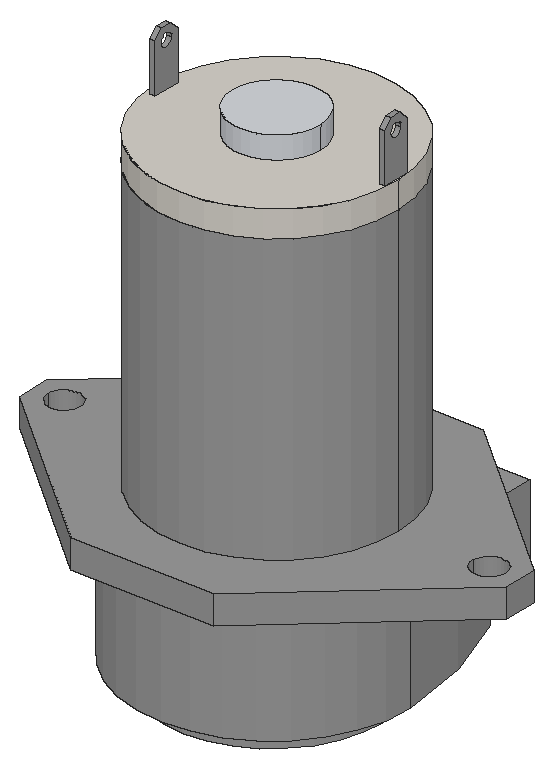
Revit family "pump2", category Generic Models, Revit 2022
Family settings
  Can host rebar = No
  Round Connector Dimension = Use Diameter
  Part Type = Normal
  Work Plane-Based = No
  Always vertical = Yes
  Cut with Voids When Loaded = No
  Maintain Annotation Orientation = No
  Shared = No
  Room Calculation Point = No
Parameters
  Default Elevation = 0' - 0"
Reference planes (in)
  plane 1 "Center (Front/Back)": y = 0
  plane 2: z = 2.46312
  plane 3 "Center (Left/Right)": x = 0
Forms (in)
  Extrusion 1, solid, material "Matte Black Plastic"
    sketch origin (25.09155, 8.57067, 0) x (1, 0, 0) y (0, 1, 0)
      loop
        circle (-25.09155, -7.32067) r 0.5
    from 0 to 0.10156
  Extrusion 2, solid, material "Matte Black Plastic"
    sketch origin (25.09155, 8.57067, 0.10156) x (1, 0, 0) y (0, 1, 0)
      loop
        arc (-25.71655, -7.32067) -> (-25.09155, -7.94567) -> (-24.46655, -7.32067) r 0.625
        arc (-24.46655, -7.32067) -> (-24.50979, -6.99483) -> (-24.61655, -6.68395) r 1.65545
        line (-24.61655, -6.68395) -> (-24.92655, -6.68395) -> (-24.92655, -6.82067) -> (-25.25655, -6.82067) -> (-25.25655, -6.68395) -> (-25.56655, -6.68395)
        arc (-25.56655, -6.68395) -> (-25.67331, -6.99483) -> (-25.71655, -7.32067) r 1.65545
    from 0 to 0.55078
  Extrusion 3, solid, material "Matte Black Plastic"
    sketch origin (-0.475, 1.88672, 0.10156) x (1, 0, 0) y (0, 0, -1)
      loop
        line (0.64, -0.55078) -> (1.01, -0.55078) -> (1.01, -0.21078)
        arc (1.01, -0.21078) -> (0.825, -0.02578) -> (0.64, -0.21078) r 0.185
        line (0.64, -0.21078) -> (0.64, -0.55078)
      loop
        line (0.31, -0.55078) -> (0.31, -0.21078)
        arc (0.31, -0.21078) -> (0.125, -0.02578) -> (-0.06, -0.21078) r 0.185
        line (-0.06, -0.21078) -> (-0.06, -0.55078) -> (0.31, -0.55078)
    from -0.162 to 0.14844
  Extrusion 4, solid, material "Matte Black Plastic"
    sketch origin (25.09155, 8.57067, 0.65234) x (1, 0, 0) y (0, 1, 0)
      loop
        line (-25.41655, -8.05551) -> (-24.76655, -8.05551) -> (-23.99155, -7.37051) -> (-23.99155, -7.22051) -> (-24.76655, -6.53551) -> (-25.41655, -6.53551) -> (-26.19155, -7.22051) -> (-26.19155, -7.37051) -> (-25.41655, -8.05551)
    from 0 to 0.12891
  Extrusion 5, void
    sketch origin (25.09155, 8.57067, 0.65234) x (1, 0, 0) y (0, 1, 0)
      loop
        circle (-24.13155, -7.29551) r 0.075
      loop
        circle (-26.05155, -7.29551) r 0.075
    from 0 to 0.19922
  Extrusion 6, solid, material "Bar Code"
    sketch origin (25.09155, 8.57067, 0.78125) x (1, 0, 0) y (0, 1, 0)
      loop
        circle (-25.09155, -7.29551) r 0.55
    from 0 to 1.30078
  Extrusion 7, solid, material "Tan Plastic"
    sketch origin (25.09155, 8.57067, 2.08203) x (1, 0, 0) y (0, 1, 0)
      loop
        circle (-25.09155, -7.29551) r 0.55
    from 0 to 0.12109
  Extrusion 8, solid, material "Brass"
    sketch origin (-1.1, 1.20016, 0.65234) x (0, 1, 0) y (0, 0, -1)
      loop
        line (0.1375, -1.55078) -> (0.0125, -1.55078) -> (0.0125, -1.77329) -> (0.04999, -1.81078) -> (0.10001, -1.81078) -> (0.1375, -1.77329) -> (0.1375, -1.55078)
      loop
        circle (0.075, -1.75112) r 0.03098
    from -1.63789 to -0.5769
  Extrusion 9, void
    sketch origin (-1.1, 1.33766, 2.26252) x (0, 0, 1) y (-1, 0, 0)
      loop
        line (-0.05939, -0.60034) -> (-0.05939, -1.61445) -> (0.20061, -1.61445) -> (0.20061, -0.60034) -> (-0.05939, -0.60034)
    from -0.04325 to 0.1719
  Extrusion 10, solid
    sketch origin (25.09155, 8.57067, 2.20312) x (1, 0, 0) y (0, 1, 0)
      loop
        circle (-25.09155, -7.29551) r 0.2
    from 0 to 0.10156
  Extrusion 11, void
    sketch origin (-0.475, 2.03516, 0.10156) x (-1, 0, 0) y (0, 0, -1)
      loop
        line (-0.93969, -0.21078) -> (-0.93969, -0.48047) -> (-0.71031, -0.48047) -> (-0.71031, -0.21078)
        arc (-0.71031, -0.21078) -> (-0.825, -0.09609) -> (-0.93969, -0.21078) r 0.11469
      loop
        arc (-0.01031, -0.21078) -> (-0.125, -0.09609) -> (-0.23969, -0.21078) r 0.11469
        line (-0.23969, -0.21078) -> (-0.23969, -0.48047) -> (-0.01031, -0.48047) -> (-0.01031, -0.21078)
    from 0 to 0.10156
Cuts and joins
  Extrusion 5 cuts Extrusion 4
  Extrusion 9 cuts Extrusion 7
  Extrusion 9 cuts Extrusion 8
  Extrusion 11 cuts Extrusion 3
Dimensions and locks (in)
  aligned and locked: plane 2 to level
